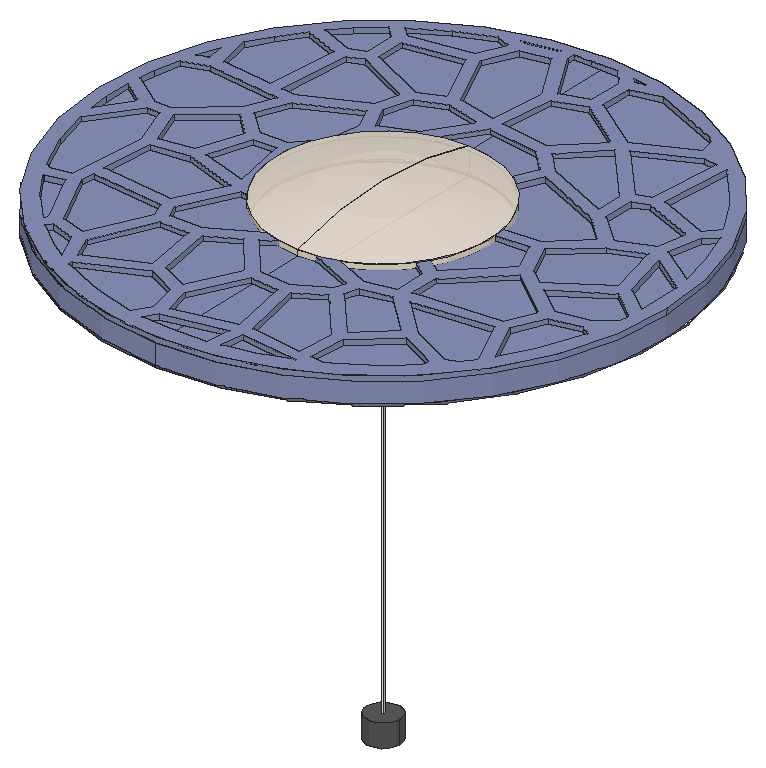
Revit family "Haworth_BuzziMoon_Light", category Lighting Fixtures, host Face, Revit 2018
Family settings
  Host = Face
  Round Connector Dimension = Use Diameter
  Part Type = Normal
  Cut with Voids When Loaded = No
  Light Source = Yes
  Shared = No
  Room Calculation Point = No
Parameters (values of type "HCBZ-MNP3 - Large")
  Wattage = 29.4 W
  Warranty = "http://www.haworth.com/resources/product-info/warranties"
  built-in parameter 1150110 = 1 (stored number, unit not read)
  Upholstery Finish [instance] = Haworth _ Fabric _ Kvadrat Hero_BHR-751
  URL - Product = "https://www.haworth.com/products/lighting/acoustic/buzzimoon"
  URL = "http://www.haworth.com/our-brands/haworth-collection"
  built-in parameter 1114217 = 1 (stored number, unit not read)
  Tilt Angle = 90.00°
  Three Cable Length = 10.000"  # constant formula
  built-in parameter 1150109 = 1 (stored number, unit not read)
  built-in parameter 1150134 = (empty or 0)
  built-in parameter 1150113 = 1 (stored number, unit not read)
  Small = not(or(Medium, Large))  # no
  Revision = "1"  # constant formula
  Photometric Web File = "generic"
  Note = "Verify Final Dim. w/ Haworth"  # constant formula
  built-in parameter 1150142 = (empty or 0)
  Model = "HCBZ-MNP"  # constant formula
  Min. Cable Length = 15.000"  # constant formula
  Medium = no
  Max. Cable Length = 157.480"  # constant formula
  Manufacturer = "Haworth"  # constant formula
  built-in parameter 1150105 = 203.54 (stored number, unit not read)
  Lumens = 2557.8 lm
  built-in parameter 1150115 = 1 (stored number, unit not read)
  built-in parameter 1150137 = (empty or 0)
  built-in parameter 1150139 = (empty or 0)
  Large = yes
  built-in parameter 1150112 = 1 (stored number, unit not read)
  built-in parameter 1150114 = 1 (stored number, unit not read)
  built-in parameter 1150132 = (empty or 0)
  built-in parameter 1150102 = (empty or 0)
  built-in parameter 1150107 = 3000 (stored number, unit not read)
  built-in parameter 1150138 = (empty or 0)
  built-in parameter 1150106 = 2.0354 (stored number, unit not read)
  Glass Finish = Haworth _ Glass _ Frosted
  Flat = not(or([3D Drop], [3D Leaf], [3D Rib]))  # no
  Emit from Circle Diameter = 20.000"
  Emit Shape Visible in Rendering = no
  built-in parameter 1150104 = 8.0826 (stored number, unit not read)
  Dimming Lamp Color Temperature Shift = <None>
  Description = "Haworth BuzziMoon Pendant Light Large"
  Default Elevation = 0.000"
  Cords Finish = Haworth _ Paint _ Collection White
  Color Filter = 16777215
  Cable Length [instance] = 36.000"
  built-in parameter 1114218 = 1 (stored number, unit not read)
  Author = "Haworth (Alias)"  # constant formula
  built-in parameter 1150133 = 10 (stored number, unit not read)
  Assembly Code = "E2020200"
  Actual Width = if(Large, 47.240", if(Medium, 39.370", 31.500"))  # 47.240"
  Actual Height = 2.360"  # constant formula
  Actual Depth = if(Large, 47.240", if(Medium, 39.370", 31.500"))  # 47.240"
  Actual Cable Length [instance] = (if(Cable Length > Max. Cable Length, Max. Cable Length, if(Cable Length < Min. Cable Length, Min. Cable Length, Cable Length))) - Three Cable Length  # 26.000"
  3D Rib = no
  3D Leaf = yes
  3D Drop = no
Reference planes (in)
  plane 1 "Center (Front/Back)": y = 0
  plane 2: z = 0
  plane 3 "Center (Left/Right)": x = 0
  plane 4 "Left": x = -23.62
  plane 5 "Right": x = 23.62
  plane 6 "Back": y = 23.62
  plane 7 "Front": y = -23.62
  plane 8 "Support Bottom": z = 1.88976
  plane 9 "Shade Bottom": z = 27.88976
  plane 10 "Light": z = 41.63976
Forms (in)
  Extrusion 1, solid, material "Haworth _ Paint _ Collection Black"
    sketch origin (0, 0, 0) x (1, 0, 0) y (0, 1, 0)
      loop
        circle (0, 0) r 1.37795
    from 0 to 1.88976
  Extrusion 2, solid, material "Haworth _ Paint _ Collection White" <- "Cords Finish"
    sketch origin (0, 0, 0) x (1, 0, 0) y (0, 1, 0)
      loop
        circle (0, 0) r 0.07926
    from 1.88976 to 27.88976
Dimensions and locks (in)
  "Actual Depth": plane 6 "Back" to plane 7 "Front"
  equal spacing: plane 6 "Back", plane 1 "Center (Front/Back)", plane 7 "Front"
  equal spacing: plane 4 "Left", plane 3 "Center (Left/Right)", plane 5 "Right"
  "Actual Width": plane 4 "Left" to plane 5 "Right"
  locked: plane 8 "Support Bottom" to plane 2 at 1.88976
  "Actual Cable Length": plane 9 "Shade Bottom" to plane 8 "Support Bottom"
  locked: plane 10 "Light" to plane 9 "Shade Bottom" at 13.75
  radius of Extrusion 1 sketch curve = 1.37795"
  radius of Extrusion 2 sketch curve = 0.07926"
  aligned and locked: plane 2 to host face
  aligned and locked: level to host face
  aligned and locked: plane 1 "Center (Front/Back)" to Extrusion 1 sketch curve
  aligned and locked: plane 3 "Center (Left/Right)" to Extrusion 1 sketch curve
  aligned and locked: Extrusion 1 to plane 2
  aligned and locked: plane 8 "Support Bottom" to Extrusion 1
  aligned and locked: plane 1 "Center (Front/Back)" to Extrusion 2 sketch curve
  aligned and locked: plane 3 "Center (Left/Right)" to Extrusion 2 sketch curve
  aligned and locked: Extrusion 2 to plane 8 "Support Bottom"
  aligned and locked: plane 9 "Shade Bottom" to Extrusion 2
  aligned and locked: plane 9 "Shade Bottom" to nested 2
  aligned and locked: nested 1 to plane 9 "Shade Bottom"
  aligned and locked: plane 9 "Shade Bottom" to nested 3
  aligned and locked: plane 1 "Center (Front/Back)" to nested 1
  aligned and locked: plane 1 "Center (Front/Back)" to nested 3
  aligned and locked: plane 1 "Center (Front/Back)" to nested 2
  aligned and locked: imposter light to plane 10 "Light"
  aligned and locked: imposter light to plane 1 "Center (Front/Back)"
  aligned and locked: plane 3 "Center (Left/Right)" to imposter light
  aligned and locked: plane 3 "Center (Left/Right)" to nested 1
  aligned and locked: plane 3 "Center (Left/Right)" to nested 3
  aligned and locked: plane 3 "Center (Left/Right)" to nested 2
Automatic sketch dimensions
  host sketch curve to host sketch curve = 96.000"  (x2)
Nested families (in)
  nested 1: "Haworth_BuzziMoon_Pendant_Large_PART" at (0, 0, 27.88976), visible <- "Large", type "Large"
  nested 2: "Haworth_BuzziMoon_Pendant_Small_PART" at (0, 0, 27.88976), visible <- "Small", type "Small"
  nested 3: "Haworth_BuzziMoon_Pendant_Medium_PART" at (0, 0, 27.88976), visible <- "Medium", type "Medium"
Definition of nested family "Haworth_BuzziMoon_Pendant_Large_PART"
  Parameters (values of type "Large")
    Warranty = "https://www.haworth.com/resources/product-info/warranties"
    URL - Product = "https://www.haworth.com/products/lighting/acoustic/buzzimoon"
    URL = "https://www.haworth.com/our-brands/haworth-collection"
    Trim Finish = none
    Revision = "1"  # constant formula
    Outside Radius = Actual Width / 2  # 23.620"
    Outer Upholstery Finish = none
    Note = "Verify Final Dim. w/ Haworth"  # constant formula
    Model = "HCBZ-MNP3"  # constant formula
    Manufacturer = "Haworth"  # constant formula
    Inside Radius = 17.720" / 2  # 8.860"
    Glass Finish = none
    Flat = no
    Description = "Haworth - BuzziMoon - Large Pendant Part"  # constant formula
    Cable Length = 10.000"  # constant formula
    Author = "Haworth (Alias)"  # constant formula
    Assembly Code = "E2020200"
    Actual Width = 47.240"  # constant formula
    Actual Height = 2.360"  # constant formula
    Actual Depth = 47.240"  # constant formula
    3D Rib = no
    3D Leaf = yes
    3D Drop = no
  Reference planes (in)
    plane 1 "Center (Front/Back)": y = 0
    plane 2: z = 0
    plane 3 "Center (Left/Right)": x = 0
    plane 4 "Front": y = -23.62
    plane 5 "Back": y = 23.62
    plane 6 "Left": x = 23.62
    plane 7 "Right": x = -23.62
    plane 8 "Inside Back": y = 8.86
    plane 9 "Inside Front": y = -8.86
    plane 10 "Cable Back": y = 11.11
    plane 11 "Cable End": z = 10
    plane 12 "Screen End": z = 12.36
    plane 13: z = 11.96
    plane 14 "Cable Control": z = 10.1
    plane 15 "Support End": z = 1
  Forms (in)
    Revolve 1, solid, material <- "Outer Upholstery Finish"
      sketch origin (0, 0, 0) x (0, 1, 0) y (0, 0, 1)
        loop
          arc (8.86, 10.25) -> (8.93322, 10.07322) -> (9.11, 10) r 0.25
          line (9.11, 10) -> (23.37, 10)
          arc (23.37, 10) -> (23.54678, 10.07322) -> (23.62, 10.25) r 0.25
          line (23.62, 10.25) -> (23.62, 11.96) -> (8.86, 11.96) -> (8.86, 10.25)
        axis (0, 11.96) -> (0, 10)
      angle from 0 to 360
    Revolve 2, solid, material <- "Outer Upholstery Finish", visible <- "Flat"
      sketch origin (0, 0, 0) x (0, 1, 0) y (0, 0, 1)
        loop
          line (8.86, 11.96) -> (23.62, 11.96) -> (23.62, 12.06)
          arc (23.62, 12.06) -> (23.53213, 12.27213) -> (23.32, 12.36) r 0.3
          line (23.32, 12.36) -> (9.16, 12.36)
          arc (9.16, 12.36) -> (8.94787, 12.27213) -> (8.86, 12.06) r 0.3
          line (8.86, 12.06) -> (8.86, 11.96)
        axis (0, 12.36) -> (0, 11.96)
      angle from 0 to 360
    Extrusion 3, solid, material <- "Outer Upholstery Finish", visible <- "3D Rib"
      sketch origin (0, 0, 0) x (1, 0, 0) y (0, 1, 0)
        loop
          arc (-8.85436, 0.00223) -> (-8.76985, 1.22294) -> (-8.51793, 2.42035) r 8.85827
          line (-8.51793, 2.42035) -> (-8.51793, 22.04511)
          arc (-8.51793, 22.04511) -> (-9.27145, 21.73904) -> (-10.01399, 21.40723) r 23.62758
          line (-10.01399, 21.40723) -> (-10.01399, -21.39038)
          arc (-10.01399, -21.39038) -> (-9.27146, -21.72262) -> (-8.51793, -22.02909) r 23.62209
          line (-8.51793, -22.02909) -> (-8.51793, -2.41589)
          arc (-8.51793, -2.41589) -> (-8.76985, -1.21848) -> (-8.85436, 0.00223) r 8.85827
        loop
          line (-0.95887, 23.61362) -> (-0.95887, 8.80802)
          arc (-0.95887, 8.80802) -> (-0.01409, 8.86048) -> (0.93089, 8.81186) r 8.85827
          line (0.93089, 8.81186) -> (0.93089, 23.61467)
          arc (0.93089, 23.61467) -> (-0.014, 23.63304) -> (-0.95887, 23.61362) r 23.62645
        loop
          arc (2.82065, 23.46403) -> (2.07367, 23.54183) -> (1.32459, 23.59585) r 23.62625
          line (1.32459, 23.59585) -> (1.32459, 8.76149)
          arc (1.32459, 8.76149) -> (2.08047, 8.61366) -> (2.82065, 8.40073) r 8.85827
          line (2.82065, 8.40073) -> (2.82065, 23.46403)
        loop
          arc (4.71042, 23.15874) -> (3.96443, 23.29806) -> (3.21436, 23.41334) r 23.62609
          line (3.21436, 23.41334) -> (3.21436, 8.25825)
          arc (3.21436, 8.25825) -> (3.98018, 7.91792) -> (4.71042, 7.50674) r 8.85827
          line (4.71042, 7.50674) -> (4.71042, 23.15874)
        loop
          arc (6.60018, 22.69254) -> (5.85528, 22.89608) -> (5.10412, 23.07516) r 23.62593
          line (5.10412, 23.07516) -> (5.10412, 7.24493)
          arc (5.10412, 7.24493) -> (5.88985, 6.62224) -> (6.60018, 5.91476) r 8.85827
          line (6.60018, 5.91476) -> (6.60018, 22.69254)
        loop
          arc (8.48995, 22.05523) -> (7.74626, 22.3273) -> (6.99388, 22.5743) r 23.62578
          line (6.99388, 22.5743) -> (6.99388, 5.44365)
          arc (6.99388, 5.44365) -> (7.87665, 4.06287) -> (8.48995, 2.54309) r 8.85827
          line (8.48995, 2.54309) -> (8.48995, 22.05523)
        loop
          arc (10.37971, 21.23139) -> (9.63747, 21.57847) -> (8.88365, 21.89961) r 23.62564
          line (8.88365, 21.89961) -> (8.88365, 2.47188) -> (8.88365, -21.88777)
          arc (8.88365, -21.88777) -> (9.63747, -21.56668) -> (10.37971, -21.21963) r 23.62229
          line (10.37971, -21.21963) -> (10.37971, 21.23139)
        loop
          arc (12.26947, 20.19821) -> (11.52903, 20.62984) -> (10.77341, 21.03434) r 23.6255
          line (10.77341, 21.03434) -> (10.77341, -21.02259)
          arc (10.77341, -21.02259) -> (11.52903, -20.61811) -> (12.26947, -20.18648) r 23.62232
          line (12.26947, -20.18648) -> (12.26947, 20.19821)
        loop
          arc (14.15924, 18.92141) -> (13.42114, 19.45196) -> (12.66317, 19.95372) r 23.62537
          line (12.66317, 19.95372) -> (12.66317, -19.94199)
          arc (12.66317, -19.94199) -> (13.42114, -19.44021) -> (14.15924, -18.90964) r 23.62237
          line (14.15924, -18.90964) -> (14.15924, 18.92141)
        loop
          arc (16.049, 17.34727) -> (15.31421, 17.99933) -> (14.55294, 18.62028) r 23.62523
          line (14.55294, 18.62028) -> (14.55294, -18.60849)
          arc (14.55294, -18.60849) -> (15.31421, -17.98749) -> (16.049, -17.33537) r 23.62242
          line (16.049, -17.33537) -> (16.049, 17.34727)
        loop
          arc (17.93877, 15.38475) -> (17.20911, 16.19692) -> (16.4427, 16.97452) r 23.62508
          line (16.4427, 16.97452) -> (16.4427, -16.96258)
          arc (16.4427, -16.96258) -> (17.20911, -16.18488) -> (17.93877, -15.37259) r 23.62249
          line (17.93877, -15.37259) -> (17.93877, 15.38475)
        loop
          arc (19.82853, 12.85711) -> (19.10818, 13.90537) -> (18.33247, 14.91335) r 23.62491
          line (18.33247, 14.91335) -> (18.33247, -14.90113)
          arc (18.33247, -14.90113) -> (19.10819, -13.89298) -> (19.82853, -12.84454) r 23.6226
          line (19.82853, -12.84454) -> (19.82853, 12.85711)
        loop
          arc (21.71829, 9.31481) -> (21.02081, 10.79755) -> (20.22223, 12.22837) r 23.62466
          line (20.22223, 12.22837) -> (20.22223, -12.21569)
          arc (20.22223, -12.21569) -> (21.02083, -10.78459) -> (21.71829, -9.30156) r 23.62282
          line (21.71829, -9.30156) -> (21.71829, 9.31481)
        loop
          arc (8.48995, -2.53863) -> (7.87665, -4.0584) -> (6.99388, -5.43919) r 8.85827
          line (6.99388, -5.43919) -> (6.99388, -22.56233)
          arc (6.99388, -22.56233) -> (7.74626, -22.31539) -> (8.48995, -22.04337) r 23.62225
          line (8.48995, -22.04337) -> (8.48995, -2.53863)
        loop
          arc (6.60018, -5.9103) -> (5.88985, -6.61778) -> (5.10412, -7.24047) r 8.85827
          line (5.10412, -7.24047) -> (5.10412, -23.06299)
          arc (5.10412, -23.06299) -> (5.85528, -22.88399) -> (6.60018, -22.68053) r 23.62222
          line (6.60018, -22.68053) -> (6.60018, -5.9103)
        loop
          arc (4.71042, -7.50228) -> (3.98018, -7.91346) -> (3.21436, -8.25379) r 8.85827
          line (3.21436, -8.25379) -> (3.21436, -23.40091)
          arc (3.21436, -23.40091) -> (3.96443, -23.28573) -> (4.71042, -23.14652) r 23.62219
          line (4.71042, -23.14652) -> (4.71042, -7.50228)
        loop
          arc (2.82065, -8.39627) -> (2.08047, -8.6092) -> (1.32459, -8.75703) r 8.85827
          line (1.32459, -8.75703) -> (1.32459, -23.58309)
          arc (1.32459, -23.58309) -> (2.07367, -23.52921) -> (2.82065, -23.45154) r 23.62217
          line (2.82065, -23.45154) -> (2.82065, -8.39627)
        loop
          arc (0.93089, -8.81617) -> (0.18354, -8.86427) -> (-0.56517, -8.84744) r 8.63565
          line (-0.56517, -8.84744) -> (-0.56517, -23.61313)
          arc (-0.56517, -23.61313) -> (0.18295, -23.61933) -> (0.93089, -23.60183) r 23.62214
          line (0.93089, -23.60183) -> (0.93089, -8.81617)
        loop
          arc (-0.95887, -8.81617) -> (-1.71232, -8.68833) -> (-2.45494, -8.50794) r 10.88368
          line (-2.45494, -8.50794) -> (-2.45494, -23.49161)
          arc (-2.45494, -23.49161) -> (-1.70777, -23.55786) -> (-0.95887, -23.60035) r 23.62212
          line (-0.95887, -23.60035) -> (-0.95887, -8.81617)
        loop
          arc (-2.84864, -8.38418) -> (-3.61217, -8.08436) -> (-4.3447, -7.71519) r 8.85827
          line (-4.3447, -7.71519) -> (-4.3447, -23.21617)
          arc (-4.3447, -23.21617) -> (-3.59852, -23.3436) -> (-2.84864, -23.44706) r 23.62209
          line (-2.84864, -23.44706) -> (-2.84864, -8.38418)
        loop
          arc (-4.7384, -7.47971) -> (-5.51874, -6.92376) -> (-6.23446, -6.28678) r 8.85827
          line (-6.23446, -6.28678) -> (-6.23446, -22.7812)
          arc (-6.23446, -22.7812) -> (-5.48934, -22.97226) -> (-4.7384, -23.13895) r 23.62207
          line (-4.7384, -23.13895) -> (-4.7384, -7.47971)
        loop
          arc (-6.62816, -5.87013) -> (-7.4692, -4.75399) -> (-8.12423, -3.51947) r 8.85827
          line (-8.12423, -3.51947) -> (-8.12423, -22.17736)
          arc (-8.12423, -22.17736) -> (-7.3803, -22.43601) -> (-6.62816, -22.66972) r 23.62206
          line (-6.62816, -22.66972) -> (-6.62816, -5.87013)
        loop
          arc (-10.40769, 21.21867) -> (-11.16292, 20.8314) -> (-11.90375, 20.41725) r 23.62791
          line (-11.90375, 20.41725) -> (-11.90375, -20.3993)
          arc (-11.90375, -20.3993) -> (-11.16293, -20.81389) -> (-10.40769, -21.20159) r 23.62229
          line (-10.40769, -21.20159) -> (-10.40769, 21.21867)
        loop
          arc (-12.29746, 20.18267) -> (-13.0549, 19.70141) -> (-13.79352, 19.19175) r 23.62832
          line (-13.79352, 19.19175) -> (-13.79352, -19.17345)
          arc (-13.79352, -19.17345) -> (-13.0549, -19.68321) -> (-12.29746, -20.16454) r 23.62327
          line (-12.29746, -20.16454) -> (-12.29746, 20.18267)
        loop
          arc (-14.15685, 18.92545) -> (-14.93417, 18.31863) -> (-15.6855, 17.67991) r 23.62885
          line (-15.6855, 17.67991) -> (-15.6855, -17.66134)
          arc (-15.6855, -17.66134) -> (-14.93418, -18.30016) -> (-14.15685, -18.90708) r 23.62296
          line (-14.15685, -18.90708) -> (-14.15685, 18.92545)
        loop
          arc (-15.96677, 17.42645) -> (-16.83431, 16.5905) -> (-17.65811, 15.71143) r 23.62952
          line (-17.65811, 15.71143) -> (-17.65811, -15.65707)
          arc (-17.65811, -15.65707) -> (-16.83468, -16.54531) -> (-15.96677, -17.39013) r 23.60569
          line (-15.96677, -17.39013) -> (-15.96677, 17.42645)
        loop
          arc (-17.911, 15.42277) -> (-18.75552, 14.38519) -> (-19.53997, 13.30149) r 23.63068
          line (-19.53997, 13.30149) -> (-19.53997, -13.25058)
          arc (-19.53997, -13.25058) -> (-18.75607, -14.34555) -> (-17.911, -15.39404) r 23.60781
          line (-17.911, -15.39404) -> (-17.911, 15.42277)
        loop
          arc (-19.78362, 12.93693) -> (-20.66177, 11.48632) -> (-21.43364, 9.97647) r 23.63241
          line (-21.43364, 9.97647) -> (-21.43364, -9.87437)
          arc (-21.43364, -9.87437) -> (-20.66381, -11.41511) -> (-19.78362, -12.89557) r 23.59138
          line (-19.78362, -12.89557) -> (-19.78362, 12.93693)
        loop
          arc (-21.67275, 9.38576) -> (-23.62, 0.00128) -> (-21.67275, -9.3832) r 23.58714
          line (-21.67275, -9.3832) -> (-21.67275, 9.38576)
        loop
          arc (-1.35257, 23.59435) -> (-1.90428, 23.55626) -> (-2.45494, 23.50526) r 23.62663
          line (-2.45494, 23.50526) -> (-2.45494, 8.5124)
          arc (-2.45494, 8.5124) -> (-1.90764, 8.65179) -> (-1.35257, 8.75602) r 8.85827
          line (-1.35257, 8.75602) -> (-1.35257, 23.59435)
        loop
          line (22.11199, 8.29977) -> (22.11199, -8.29722)
          arc (22.11199, -8.29722) -> (23.62, 0.00128) -> (22.11199, 8.29977) r 23.58714
        loop
          arc (-6.62816, 22.68483) -> (-7.38029, 22.45147) -> (-8.12423, 22.19317) r 23.6273
          line (-8.12423, 22.19317) -> (-8.12423, 3.52394)
          arc (-8.12423, 3.52394) -> (-7.4692, 4.75845) -> (-6.62816, 5.87459) r 8.85827
          line (-6.62816, 5.87459) -> (-6.62816, 22.68483)
        loop
          arc (-4.7384, 23.15331) -> (-5.48934, 22.9869) -> (-6.23446, 22.79615) r 23.62705
          line (-6.23446, 22.79615) -> (-6.23446, 6.29125)
          arc (-6.23446, 6.29125) -> (-5.51874, 6.92822) -> (-4.7384, 7.48417) r 8.85827
          line (-4.7384, 7.48417) -> (-4.7384, 23.15331)
        loop
          arc (-2.84864, 23.46081) -> (-3.59851, 23.35758) -> (-4.3447, 23.23038) r 23.62682
          line (-4.3447, 23.23038) -> (-4.3447, 7.71965)
          arc (-4.3447, 7.71965) -> (-3.61217, 8.08882) -> (-2.84864, 8.38864) r 8.85827
          line (-2.84864, 8.38864) -> (-2.84864, 23.46081)
      from 11.96 to 12.36
    Extrusion 4, solid, material <- "Outer Upholstery Finish", visible <- "3D Drop"
      sketch origin (0, 0, 0) x (1, 0, 0) y (0, 1, 0)
        loop
          circle (0, 0) r 21.03888
        loop
          circle (0, 0) r 20.0501
        loop
          circle (0, 0) r 17.09732
        loop
          circle (0, 0) r 16.12524
        loop
          circle (0, 0) r 13.18179
        loop
          circle (0, 0) r 12.19438
        loop
          circle (0, 0) r 10.22269
        loop
          circle (0, 0) r 8.85827
        loop
          circle (0.00932, -0.02845) r 9.25197
        loop
          circle (0, 0) r 8.89764
      from 11.96 to 12.36
    Extrusion 5, solid, material <- "Outer Upholstery Finish", visible <- "3D Leaf"
      sketch origin (0, 0, 0) x (1, 0, 0) y (0, 1, 0)
        loop
          line (-3.1783, 22.44179) -> (-5.44733, 21.98601) -> (-6.04916, 21.83704) -> (-5.56804, 21.64439) -> (-3.1783, 22.18821) -> (-3.1783, 22.44179)
        loop
          line (-6.26936, 20.86499) -> (-7.52567, 21.36806) -> (-10.40039, 20.10966) -> (-13.03178, 18.49523) -> (-12.24453, 17.78119) -> (-7.29195, 18.61111) -> (-6.26936, 20.86499)
        loop
          line (-12.89059, 17.03837) -> (-13.8348, 17.89477) -> (-15.60299, 16.34232) -> (-16.89572, 14.99425) -> (-14.10348, 13.97828) -> (-12.89059, 14.48407) -> (-12.89059, 17.03837)
        loop
          line (-7.24062, 17.62174) -> (-11.90634, 16.83989) -> (-11.90634, 14.47084) -> (-7.04865, 12.22662) -> (-5.13007, 13.07409) -> (-7.24062, 17.62174)
        loop
          line (-4.13096, 13.25934) -> (-1.01621, 12.6275) -> (-0.5055, 17.15348) -> (-2.92658, 21.23607) -> (-5.26122, 20.70479) -> (-6.41063, 18.1714) -> (-4.13096, 13.25934)
        loop
          line (-0.85219, 22.63918) -> (-2.19405, 22.56058) -> (-2.19405, 21.93044) -> (0.22207, 17.85622) -> (2.48851, 18.62198) -> (2.48851, 21.36456) -> (1.40498, 22.6244) -> (-0.85219, 22.63918)
        loop
          line (2.81798, 22.49092) -> (3.15464, 22.09947) -> (3.98585, 22.31186) -> (2.81798, 22.49092)
        loop
          line (5.81518, 21.7634) -> (3.47276, 21.16488) -> (3.47276, 18.53295) -> (7.87461, 15.61384) -> (12.3615, 17.82023) -> (12.02215, 19.17763) -> (11.42851, 19.54139) -> (5.81518, 21.7634)
        loop
          line (7.06057, 14.97267) -> (2.90966, 17.72536) -> (0.45599, 16.89635) -> (-0.04402, 12.46527) -> (3.99105, 11.95143) -> (7.06057, 14.97267)
        loop
          line (-1.40352, 11.70177) -> (-4.417, 12.31306) -> (-6.64543, 11.32873) -> (-7.30708, 9.07706) -> (-6.36061, 7.19888) -> (-3.65423, 8.32748) -> (-1.40352, 11.70177)
        loop
          line (-0.3472, 11.51168) -> (-2.32283, 8.54979)
          arc (-2.32283, 8.54979) -> (-3.83942, 7.98403) -> (-5.22774, 7.15175) r 8.85827
          arc (-5.22774, 7.15175) -> (-6.46021, 6.06077) -> (-7.46957, 4.7606) r 8.85827
          line (-7.46957, 4.7606) -> (-7.11057, 6.49998) -> (-8.05423, 8.37257) -> (-12.54436, 6.16459) -> (-13.58181, 3.56702) -> (-11.62669, 1.67033) -> (-9.40394, 1.85343) -> (-8.33621, 2.99243)
          arc (-8.33621, 2.99243) -> (-8.81691, 0.83569) -> (-8.74886, -1.37292) r 8.85827
          arc (-8.74886, -1.37292) -> (-8.18143, -3.38906) -> (-7.15651, -5.21562) r 8.85827
          line (-7.15651, -5.21562) -> (-7.72237, -5.16247) -> (-9.8551, -9.32267) -> (-9.36328, -10.50206) -> (-6.72636, -10.50206) -> (-3.05092, -8.3135)
          arc (-3.05092, -8.3135) -> (-2.64851, -8.45037) -> (-2.24, -8.56779) r 8.85827
          arc (-2.24, -8.56779) -> (-1.99384, -8.62844) -> (-1.74604, -8.68203) r 8.85827
          line (-1.74604, -8.68203) -> (-2.8477, -9.33802) -> (-0.15046, -12.65067) -> (2.50545, -12.82034) -> (4.92336, -11.2541) -> (5.32189, -10.28783) -> (1.41769, -8.74237)
          arc (1.41769, -8.74237) -> (2.23414, -8.57039) -> (3.03079, -8.32235) r 8.85827
          line (3.03079, -8.32235) -> (5.99994, -9.49768) -> (8.34236, -8.89915) -> (8.34236, -6.26722) -> (7.0266, -5.39467)
          arc (7.0266, -5.39467) -> (7.18909, -5.17631) -> (7.34479, -4.95305) r 8.85827
          arc (7.34479, -4.95305) -> (7.4657, -4.76899) -> (7.582, -4.58198) r 8.85827
          line (7.582, -4.58198) -> (8.77682, -5.37433) -> (12.66388, -1.61666) -> (11.51131, 0.86541) -> (8.83694, 0.64512)
          arc (8.83694, 0.64512) -> (8.80837, 0.95995) -> (8.76858, 1.27356) r 8.85827
          arc (8.76858, 1.27356) -> (8.74147, 1.44823) -> (8.71087, 1.62232) r 8.85827
          line (8.71087, 1.62232) -> (11.60931, 1.86107) -> (14.40537, 4.33939) -> (12.13705, 6.39676) -> (6.45587, 8.68673) -> (5.62216, 6.84918)
          arc (5.62216, 6.84918) -> (5.22461, 7.15703) -> (4.81023, 7.44182) r 8.85827
          line (4.81023, 7.44182) -> (5.61634, 9.21855) -> (3.93183, 10.96677) -> (-0.3472, 11.51168)
        loop
          line (15.40762, 3.91251) -> (12.41379, 1.2589) -> (13.65327, -1.41033) -> (14.9405, -2.39931) -> (19.25881, 0.44481) -> (18.07468, 5.0247) -> (15.40762, 3.91251)
        loop
          line (20.25707, 0.51581) -> (22.40279, -1.11537) -> (22.41134, 1.09846) -> (22.31839, 2.58886) -> (19.20094, 4.60064) -> (20.25707, 0.51581)
        loop
          line (18.95919, 5.92805) -> (22.14503, 3.87214) -> (21.47313, 6.74829) -> (20.41352, 9.553) -> (19.50798, 8.58701) -> (18.95919, 5.92805)
        loop
          line (18.48613, 8.50532) -> (14.10757, 10.09847) -> (12.89468, 9.59268) -> (12.89468, 7.03838) -> (15.24163, 4.90969) -> (17.97967, 6.05149) -> (18.48613, 8.50532)
        loop
          line (11.91043, 9.73333) -> (7.81464, 14.33384) -> (4.85819, 11.42389) -> (6.48398, 9.7366) -> (11.91043, 7.54931) -> (11.91043, 9.73333)
        loop
          line (8.63601, 14.89144) -> (12.53688, 10.50988) -> (13.63164, 10.9664) -> (14.16522, 16.94419) -> (13.02773, 17.05102) -> (8.63601, 14.89144)
        loop
          line (14.61921, 10.95969) -> (18.91714, 9.39587) -> (19.95316, 10.50105) -> (18.13141, 13.37952) -> (17.41038, 14.3155) -> (15.13994, 16.79359) -> (14.61921, 10.95969)
        loop
          line (-7.64508, 11.41795) -> (-12.40859, 13.61867) -> (-13.62755, 13.11035) -> (-14.16112, 7.13256) -> (-13.02364, 7.02573) -> (-8.24527, 9.37544) -> (-7.64508, 11.41795)
        loop
          line (-15.14107, 7.2246) -> (-14.61511, 13.11706) -> (-17.56563, 14.19062) -> (-18.9306, 12.26012) -> (-19.9595, 10.48078) -> (-19.40623, 7.6252) -> (-15.14107, 7.2246)
        loop
          line (-20.66824, 8.96435) -> (-21.34592, 7.14548) -> (-20.3827, 7.49058) -> (-20.66824, 8.96435)
        loop
          line (-19.7563, 6.66949) -> (-21.68991, 5.97671) -> (-22.14111, 3.78543) -> (-22.31472, 2.58483) -> (-19.54212, 0.71948) -> (-18.2169, 0.71948) -> (-14.57168, 3.74223) -> (-13.63228, 6.09431) -> (-19.7563, 6.66949)
        loop
          line (-20.38952, 0.10332) -> (-22.40506, 1.45933) -> (-22.40506, -0.85307) -> (-22.27271, -2.49867) -> (-20.38952, 0.10332)
        loop
          line (-14.18687, 2.7827) -> (-17.45979, 0.06867) -> (-16.35245, -3.022) -> (-13.58058, -2.57181) -> (-12.37415, 1.02415) -> (-14.18687, 2.7827)
        loop
          line (-11.44551, 0.69767) -> (-12.58228, -2.69062) -> (-8.64834, -3.92474) -> (-9.57381, 0.85185) -> (-11.44551, 0.69767)
        loop
          line (-13.24461, -3.51439) -> (-16.23188, -3.99957) -> (-16.62275, -8.25158) -> (-10.68381, -8.78169) -> (-8.71242, -4.93619) -> (-13.24461, -3.51439)
        loop
          line (-19.44094, -0.26477) -> (-22.05933, -3.88259) -> (-21.2209, -7.06417) -> (-19.92237, -10.09803) -> (-19.36557, -10.46438) -> (-17.78198, -10.06849) -> (-17.17786, -3.63635) -> (-18.38584, -0.26477) -> (-19.44094, -0.26477)
        loop
          line (-17.59083, -11.03524) -> (-19.09114, -11.41032) -> (-19.12827, -11.50411) -> (-17.57849, -13.70433) -> (-17.03293, -14.33267) -> (-15.62234, -15.88086) -> (-15.38445, -15.52213) -> (-17.59083, -11.03524)
        loop
          line (-14.45819, -15.14214) -> (-12.4145, -15.73829) -> (-10.22321, -10.97043) -> (-10.73394, -9.75249) -> (-16.71277, -9.23074) -> (-16.81735, -10.36843) -> (-14.45819, -15.14214)
        loop
          line (-9.37651, -11.48631) -> (-11.62073, -16.344) -> (-10.77327, -18.26258) -> (-6.22561, -16.15203) -> (-7.00746, -11.48631) -> (-9.37651, -11.48631)
        loop
          line (-11.5069, -19.03764) -> (-12.51862, -16.74722) -> (-14.60859, -16.13308) -> (-14.89117, -16.55919) -> (-13.01417, -18.045) -> (-11.5069, -19.03764)
        loop
          line (-3.70251, -9.84702) -> (-6.04995, -11.24482) -> (-5.23624, -16.1007) -> (-2.94567, -17.13994) -> (-0.9784, -13.19266) -> (-3.70251, -9.84702)
        loop
          line (-3.14256, -18.13143) -> (-5.67595, -16.98202) -> (-10.5022, -19.22186) -> (-10.46935, -19.62072) -> (-7.57135, -20.85784) -> (-6.57596, -21.18911) -> (-3.51734, -21.9359) -> (-2.58024, -20.60244) -> (-3.14256, -18.13143)
        loop
          line (-2.19802, -17.84635) -> (-1.68178, -20.11488) -> (3.2295, -18.97001) -> (2.22563, -13.78872) -> (-0.10165, -13.64004) -> (-2.19802, -17.84635)
        loop
          line (3.2167, -19.98364) -> (-1.75721, -21.14311) -> (-2.41756, -22.08277) -> (0.10604, -22.20776) -> (0.95105, -22.16036) -> (2.93346, -22.02131) -> (3.2167, -19.98364)
        loop
          line (4.22543, -19.87568) -> (3.94907, -21.86376) -> (6.53237, -21.23415) -> (7.48742, -20.89446) -> (9.01234, -20.32528) -> (4.22543, -19.87568)
        loop
          line (4.21582, -18.8862) -> (8.48098, -19.28679) -> (8.75061, -16.266) -> (5.22929, -12.22864) -> (3.18277, -13.55431) -> (4.21582, -18.8862)
        loop
          line (9.7324, -16.3374) -> (9.46093, -19.37883) -> (10.59841, -19.48567) -> (11.51794, -19.03349) -> (13.68024, -17.55551) -> (14.25484, -17.06781) -> (15.79379, -15.71683) -> (15.97697, -15.09344) -> (12.76817, -13.61099) -> (9.7324, -16.3374)
        loop
          line (9.30212, -15.40092) -> (11.96018, -13.01372) -> (8.68882, -9.8265) -> (6.32805, -10.42971) -> (5.89086, -11.48974) -> (9.30212, -15.40092)
        loop
          line (9.32661, -6.21181) -> (9.32661, -8.72672) -> (16.33628, -7.88666) -> (17.40403, -5.53323) -> (13.29456, -2.37594) -> (9.32661, -6.21181)
        loop
          line (9.91547, -9.64744) -> (12.9634, -12.61698) -> (16.5734, -14.28477) -> (17.43445, -13.90443) -> (18.22702, -12.8664) -> (16.37391, -8.87344) -> (9.91547, -9.64744)
        loop
          line (17.21142, -8.33999) -> (18.8721, -11.91831) -> (20.2256, -9.42224) -> (20.64071, -8.50442) -> (21.6191, -5.79753) -> (20.83183, -5.24428) -> (18.36083, -5.8066) -> (17.21142, -8.33999)
        loop
          line (18.12992, -4.84973) -> (20.72222, -4.25981) -> (22.18905, -3.1391) -> (22.30295, -2.27583) -> (19.80297, -0.37534) -> (15.76644, -3.03387) -> (18.12992, -4.84973)
        loop
          circle (0.00205, 0.00205) r 23.62205
      from 11.96 to 12.36
    Revolve 6, solid, material <- "Glass Finish"
      sketch origin (0, 0, 0) x (0, 1, 0) y (0, 0, 1)
        loop
          line (8.86, 10.1) -> (8.86, 12.36)
          arc (8.86, 12.36) -> (4.47713, 13.33017) -> (0, 13.65585) r 30.93676
          line (0, 13.65585) -> (0, 10.1) -> (8.86, 10.1)
        axis (0, 13.65585) -> (0, 10.1)
      angle from 0 to 360
    Revolve 7, solid, material <- "Outer Upholstery Finish"
      sketch origin (0, 0, 0) x (0, 1, 0) y (0, 0, 1)
        loop
          line (8.86, 10.1) -> (0, 10.1) -> (0, 9.52756) -> (8.86, 9.52756) -> (8.86, 10.1)
        axis (0, 10.1) -> (0, 9.52756)
      angle from 0 to 360
    Revolve 8, solid
      sketch origin (0, 0, 0) x (0, 1, 0) y (0, 0, 1)
        loop
          line (0.15, 0) -> (0.15, 0.75) -> (0.25, 0.75) -> (0.25, 1) -> (0, 1) -> (0, 0) -> (0.15, 0)
        axis (0, 1) -> (0, 0)
      angle from 0 to 360
    Blend 9, solid, material <- "Trim Finish"
      base sketch origin (0, 0, 0) x (1, 0, 0) y (0, 1, 0)
        loop
          circle (0, -7.875) r 0.04466
      top sketch origin (0, 0, 0) x (1, 0, 0) y (0, 1, 0)
        loop
          circle (0, -0.045) r 0.045
      from 9.52756 to 0.75
    Blend 10, solid, material <- "Trim Finish"
      base sketch origin (0, 0, 0) x (-0.5, 0.866025, 0) y (-0.866025, -0.5, 0)
        loop
          circle (0, -7.875) r 0.04466
      top sketch origin (0, 0, 0) x (-0.5, 0.866025, 0) y (-0.866025, -0.5, 0)
        loop
          circle (0, -0.045) r 0.045
      from 9.52756 to 0.75
    Blend 11, solid, material <- "Trim Finish"
      base sketch origin (0, 0, 0) x (-0.5, -0.866025, 0) y (0.866025, -0.5, 0)
        loop
          circle (0, -7.875) r 0.04466
      top sketch origin (0, 0, 0) x (-0.5, -0.866025, 0) y (0.866025, -0.5, 0)
        loop
          circle (0, -0.045) r 0.045
      from 9.52756 to 0.75
  Lines and regions (in)
    Masking region 1
      outline origin (0, 0, 0) x (1, 0, 0) y (0, 1, 0)
        loop
          circle (0, 0) r 23.62
        loop
          circle (0, 0) r 8.86
  Dimensions and locks (in)
    equal spacing: plane 5 "Back", plane 1 "Center (Front/Back)", plane 4 "Front"
    "Actual Depth": plane 5 "Back" to plane 4 "Front"
    equal spacing: plane 7 "Right", plane 3 "Center (Left/Right)", plane 6 "Left"
    "Actual Width": plane 7 "Right" to plane 6 "Left"
    plane 8 "Inside Back" to plane 1 "Center (Front/Back)" to plane 9 "Inside Front" = 8.860" locked, 8.860" locked
    locked: plane 10 "Cable Back" to plane 8 "Inside Back" at 2.25
    "Cable Length": plane 11 "Cable End" to plane 2
    "Actual Height": plane 12 "Screen End" to plane 11 "Cable End"
    locked: plane 12 "Screen End" to plane 13 at 0.4
    locked: plane 14 "Cable Control" to plane 11 "Cable End" at 0.1
    locked: Revolve 7 sketch curve to plane 11 "Cable End" at 0.47244
    locked: plane 15 "Support End" to plane 2 at 1
    locked: plane 15 "Support End" to Revolve 8 sketch curve at 0.25
    locked: plane 1 "Center (Front/Back)" to Revolve 8 sketch curve at 0.25
    locked: plane 1 "Center (Front/Back)" to Revolve 8 sketch curve at 0.15
    "Inside Radius": radius of Masking region 1 sketch curve
    "Outside Radius": radius of Masking region 1 sketch curve
    aligned and locked: level to plane 2
    aligned and locked: plane 5 "Back" to Revolve 1 sketch curve
    aligned and locked: plane 13 to Revolve 1 sketch curve
    aligned and locked: plane 8 "Inside Back" to Revolve 1 sketch curve
    aligned and locked: Revolve 1 sketch curve to plane 11 "Cable End"
    aligned and locked: plane 1 "Center (Front/Back)" to Revolve 1 sketch curve
    aligned and locked: Revolve 2 sketch curve to plane 5 "Back"
    aligned and locked: Revolve 2 sketch curve to plane 13
    aligned and locked: Revolve 2 sketch curve to plane 12 "Screen End"
    aligned and locked: plane 8 "Inside Back" to Revolve 2 sketch curve
    aligned and locked: plane 1 "Center (Front/Back)" to Revolve 2 sketch curve
    aligned and locked: plane 3 "Center (Left/Right)" to Masking region 1 sketch curve  (x2)
    aligned and locked: plane 1 "Center (Front/Back)" to Masking region 1 sketch curve  (x2)
    aligned and locked: plane 12 "Screen End" to Extrusion 3
    aligned and locked: plane 13 to Extrusion 3
    aligned and locked: plane 12 "Screen End" to Extrusion 4
    aligned and locked: plane 13 to Extrusion 4
    aligned and locked: plane 12 "Screen End" to Extrusion 5
    aligned and locked: plane 13 to Extrusion 5
    aligned and locked: plane 8 "Inside Back" to Revolve 6 sketch curve
    aligned and locked: Revolve 6 sketch curve to plane 1 "Center (Front/Back)"
    aligned and locked: plane 1 "Center (Front/Back)" to Revolve 6 sketch curve
    aligned and locked: plane 14 "Cable Control" to Revolve 6 sketch curve
    aligned and locked: plane 8 "Inside Back" to Revolve 7 sketch curve
    aligned and locked: plane 14 "Cable Control" to Revolve 7 sketch curve
    aligned and locked: plane 1 "Center (Front/Back)" to Revolve 7 sketch curve  (x2)
    aligned and locked: Revolve 8 sketch curve to plane 15 "Support End"
    aligned and locked: plane 2 to Revolve 8 sketch curve
    aligned and locked: Revolve 8 sketch curve to plane 1 "Center (Front/Back)"
    aligned and locked: plane 1 "Center (Front/Back)" to Revolve 8 sketch curve
    aligned and locked: Revolve 7 to Blend 9
  Automatic sketch dimensions
    Revolve 1 sketch curve to level = 0.000"
    plane 8 "Inside Back" to Revolve 1 sketch curve = 0.250"
    Revolve 1 sketch curve to plane 5 "Back" = 0.250"
    plane 12 "Screen End" to Revolve 1 sketch curve = 12.600"
    Revolve 2 sketch curve to level = 0.000"
    plane 8 "Inside Back" to Revolve 2 sketch curve = 0.300"
    Revolve 2 sketch curve to plane 5 "Back" = 0.300"
    plane 12 "Screen End" to Revolve 2 sketch curve = 11.000"
    Extrusion 3 sketch curve to Extrusion 3 sketch curve = 0.000"  (x35)
    plane 9 "Inside Front" to Extrusion 3 sketch curve = 0.5232"
    Extrusion 3 sketch curve to plane 7 "Right" = 1.94725"
    Extrusion 3 sketch curve to Extrusion 3 sketch curve = 0.23911"
    plane 10 "Cable Back" to Extrusion 3 sketch curve = 1.82693"
    Extrusion 3 sketch curve to Extrusion 3 sketch curve = 1.65002"
    Extrusion 3 sketch curve to Extrusion 3 sketch curve = 0.24364"
    Extrusion 3 sketch curve to Extrusion 3 sketch curve = 1.62897"
    Extrusion 3 sketch curve to Extrusion 3 sketch curve = 0.25289"
    Extrusion 3 sketch curve to Extrusion 3 sketch curve = 1.69134"
    Extrusion 3 sketch curve to Extrusion 3 sketch curve = 0.28127"
    Extrusion 3 sketch curve to Extrusion 3 sketch curve = 1.52865"
    Extrusion 3 sketch curve to Extrusion 3 sketch curve = 0.36333"
    Extrusion 3 sketch curve to Extrusion 3 sketch curve = 1.49606"  (x23)
    Extrusion 3 sketch curve to Extrusion 3 sketch curve = 0.3937"  (x28)
    Extrusion 3 sketch curve to plane 1 "Center (Front/Back)" = 2.42035"
    Extrusion 3 sketch curve to plane 4 "Front" = 0.95028"
    Extrusion 3 sketch curve to plane 5 "Back" = 0.46669"
    Extrusion 3 sketch curve to plane 4 "Front" = 0.48105"
    Extrusion 3 sketch curve to plane 8 "Inside Back" = 0.47136"
    Extrusion 3 sketch curve to plane 4 "Front" = 0.17294"
    Extrusion 3 sketch curve to plane 5 "Back" = 0.11474"
    Extrusion 3 sketch curve to plane 5 "Back" = 0.02565"
    Extrusion 3 sketch curve to Extrusion 3 sketch curve = 1.10236"
    Extrusion 3 sketch curve to plane 4 "Front" = 0.01965"
    Extrusion 3 sketch curve to plane 3 "Center (Left/Right)" = 0.95887"
    Extrusion 3 sketch curve to plane 5 "Back" = 0.00638"
    Extrusion 3 sketch curve to plane 9 "Inside Front" = 0.01256"
    Extrusion 3 sketch curve to plane 1 "Center (Front/Back)" = 0.00128"  (x2)
    Extrusion 3 sketch curve to plane 3 "Center (Left/Right)" = 0.03286"
    Extrusion 3 sketch curve to plane 3 "Center (Left/Right)" = 0.0191"
    Extrusion 3 sketch curve to Extrusion 3 sketch curve = 0.00569"  (x2)
    Extrusion 3 sketch curve to plane 3 "Center (Left/Right)" = 0.01097"
    plane 1 "Center (Front/Back)" to Extrusion 3 sketch curve = 0.00156"
    Extrusion 3 sketch curve to Extrusion 3 sketch curve = 0.00343"
    Extrusion 3 sketch curve to plane 1 "Center (Front/Back)" = 0.00059"
    Extrusion 3 sketch curve to Extrusion 3 sketch curve = 0.00136"
    Extrusion 3 sketch curve to Extrusion 3 sketch curve = 0.00263"
    Extrusion 3 sketch curve to Extrusion 3 sketch curve = 0.00148"
    Extrusion 3 sketch curve to Extrusion 3 sketch curve = 0.0014"
    Extrusion 3 sketch curve to Extrusion 3 sketch curve = 0.00119"
    Extrusion 3 sketch curve to Extrusion 3 sketch curve = 0.00085"
    Extrusion 3 sketch curve to Extrusion 3 sketch curve = 0.00076"
    Extrusion 3 sketch curve to Extrusion 3 sketch curve = 0.00107"
    Extrusion 3 sketch curve to plane 3 "Center (Left/Right)" = 0.00092"
    plane 3 "Center (Left/Right)" to Extrusion 3 sketch curve = 0.00006"
    Extrusion 3 sketch curve to Extrusion 3 sketch curve = 0.00072"
    plane 3 "Center (Left/Right)" to Extrusion 3 sketch curve = 0.00088"
    Extrusion 3 sketch curve to Extrusion 3 sketch curve = 0.00055"
    Extrusion 3 sketch curve to Extrusion 3 sketch curve = 0.00062"  (x2)
    Extrusion 3 sketch curve to Extrusion 3 sketch curve = 0.00054"
    Extrusion 3 sketch curve to Extrusion 3 sketch curve = 0.00051"  (x2)
    plane 3 "Center (Left/Right)" to Extrusion 3 sketch curve = 0.00307"
    Extrusion 3 sketch curve to Extrusion 3 sketch curve = 0.00265"
    Extrusion 3 sketch curve to Extrusion 3 sketch curve = 0.00038"
    Extrusion 3 sketch curve to Extrusion 3 sketch curve = 0.00041"
    Extrusion 3 sketch curve to Extrusion 3 sketch curve = 0.00034"
    Extrusion 3 sketch curve to Extrusion 3 sketch curve = 0.00035"
    Extrusion 3 sketch curve to Extrusion 3 sketch curve = 0.00021"
    Extrusion 3 sketch curve to Extrusion 3 sketch curve = 0.00005"  (x4)
    Extrusion 3 sketch curve to Extrusion 3 sketch curve = 0.00003"
    Extrusion 3 sketch curve to Extrusion 3 sketch curve = 0.00001"  (x2)
    Extrusion 3 sketch curve to Extrusion 3 sketch curve = 0.00002"  (x2)
    Extrusion 3 sketch curve to Extrusion 3 sketch curve = 0.00031"
    Extrusion 3 sketch curve to Extrusion 3 sketch curve = 0.00008"
    Extrusion 3 sketch curve to Extrusion 3 sketch curve = 0.00024"
    Extrusion 3 sketch curve to Extrusion 3 sketch curve = 0.0001"  (x3)
    Extrusion 3 sketch curve to Extrusion 3 sketch curve = 0.00016"  (x2)
    Extrusion 3 sketch curve to Extrusion 3 sketch curve = 0.00023"
    Extrusion 3 sketch curve to Extrusion 3 sketch curve = 0.00032"
    Extrusion 3 sketch curve to Extrusion 3 sketch curve = 0.02722"
    plane 3 "Center (Left/Right)" to Extrusion 3 sketch curve = 0.03979"
    plane 3 "Center (Left/Right)" to Extrusion 3 sketch curve = 0.04093"
    Extrusion 3 sketch curve to Extrusion 3 sketch curve = 0.01936"
    plane 3 "Center (Left/Right)" to Extrusion 3 sketch curve = 0.48388"
    Extrusion 3 sketch curve to plane 8 "Inside Back" = 0.04814"
    plane 3 "Center (Left/Right)" to Extrusion 3 sketch curve = 0.93089"  (x2)
    Extrusion 3 sketch curve to plane 9 "Inside Front" = 0.04383"  (x2)
    Extrusion 3 sketch curve to plane 8 "Inside Back" = 0.09851"
    Extrusion 3 sketch curve to plane 4 "Front" = 0.03691"
    Extrusion 3 sketch curve to plane 8 "Inside Back" = 0.45927"
    Extrusion 3 sketch curve to plane 4 "Front" = 0.16846"
    Extrusion 3 sketch curve to plane 5 "Back" = 0.20666"
    plane 9 "Inside Front" to Extrusion 3 sketch curve = 0.44156"
    Extrusion 3 sketch curve to plane 6 "Left" = 1.90171"
    Extrusion 3 sketch curve to plane 4 "Front" = 0.01817"
    Extrusion 3 sketch curve to Extrusion 3 sketch curve = 0.01278"
    Extrusion 3 sketch curve to Extrusion 3 sketch curve = 0.04456"
    Extrusion 3 sketch curve to plane 4 "Front" = 0.21909"
    Extrusion 3 sketch curve to Extrusion 3 sketch curve = 0.07721"
    Extrusion 3 sketch curve to Extrusion 3 sketch curve = 0.25439"
    Extrusion 3 sketch curve to Extrusion 3 sketch curve = 0.08353"
    Extrusion 3 sketch curve to Extrusion 3 sketch curve = 0.11148"
    Extrusion 3 sketch curve to Extrusion 3 sketch curve = 0.38245"
    Extrusion 3 sketch curve to Extrusion 3 sketch curve = 0.1182"
    Extrusion 3 sketch curve to Extrusion 3 sketch curve = 0.49236"
    Extrusion 3 sketch curve to Extrusion 3 sketch curve = 0.51896"
    Extrusion 3 sketch curve to Extrusion 3 sketch curve = 0.14827"
    Extrusion 3 sketch curve to Extrusion 3 sketch curve = 0.1556"
    Extrusion 3 sketch curve to Extrusion 3 sketch curve = 0.63871"
    Extrusion 3 sketch curve to Extrusion 3 sketch curve = 0.66814"
    Extrusion 3 sketch curve to Extrusion 3 sketch curve = 0.1888"
    Extrusion 3 sketch curve to Extrusion 3 sketch curve = 0.19704"
    Extrusion 3 sketch curve to Extrusion 3 sketch curve = 0.80228"
    Extrusion 3 sketch curve to Extrusion 3 sketch curve = 0.83611"
    Extrusion 3 sketch curve to Extrusion 3 sketch curve = 0.23476"
    Extrusion 3 sketch curve to Extrusion 3 sketch curve = 0.24449"  (x2)
    Extrusion 3 sketch curve to Extrusion 3 sketch curve = 0.9911"
    Extrusion 3 sketch curve to Extrusion 3 sketch curve = 1.03235"
    Extrusion 3 sketch curve to Extrusion 3 sketch curve = 0.26637"
    Extrusion 3 sketch curve to Extrusion 3 sketch curve = 0.30115"
    Extrusion 3 sketch curve to Extrusion 3 sketch curve = 1.24574"
    Extrusion 3 sketch curve to Extrusion 3 sketch curve = 0.27121"
    Extrusion 3 sketch curve to Extrusion 3 sketch curve = 1.27312"
    Extrusion 3 sketch curve to Extrusion 3 sketch curve = 0.37279"
    Extrusion 3 sketch curve to Extrusion 3 sketch curve = 1.73306"
    Extrusion 3 sketch curve to Extrusion 3 sketch curve = 0.26304"
    Extrusion 3 sketch curve to Extrusion 3 sketch curve = 1.58999"
    Extrusion 3 sketch curve to Extrusion 3 sketch curve = 0.47146"
    Extrusion 3 sketch curve to Extrusion 3 sketch curve = 2.14345"
    Extrusion 3 sketch curve to Extrusion 3 sketch curve = 0.35501"
    Extrusion 3 sketch curve to Extrusion 3 sketch curve = 2.0566"
    Extrusion 3 sketch curve to Extrusion 3 sketch curve = 0.62885"
    Extrusion 3 sketch curve to Extrusion 3 sketch curve = 0.49117"
    Extrusion 3 sketch curve to plane 9 "Inside Front" = 0.10297"
    Extrusion 3 sketch curve to Extrusion 3 sketch curve = 0.30823"
    Extrusion 3 sketch curve to Extrusion 3 sketch curve = 0.12376"
    Extrusion 3 sketch curve to Extrusion 3 sketch curve = 0.14248"
    Extrusion 3 sketch curve to Extrusion 3 sketch curve = 0.23548"
    Extrusion 3 sketch curve to Extrusion 3 sketch curve = 0.26181"  (x2)
    Extrusion 3 sketch curve to Extrusion 3 sketch curve = 0.41666"  (x2)
    Extrusion 3 sketch curve to Extrusion 3 sketch curve = 0.47111"  (x2)
    plane 1 "Center (Front/Back)" to Extrusion 3 sketch curve = 0.01894"
    Extrusion 3 sketch curve to Extrusion 3 sketch curve = 0.00174"
    Extrusion 3 sketch curve to Extrusion 3 sketch curve = 0.00131"
    Extrusion 3 sketch curve to Extrusion 3 sketch curve = 0.00093"
    Extrusion 3 sketch curve to Extrusion 3 sketch curve = 0.00048"
    Extrusion 3 sketch curve to Extrusion 3 sketch curve = 0.0003"
    Extrusion 3 sketch curve to Extrusion 3 sketch curve = 0.00189"
    Extrusion 3 sketch curve to Extrusion 3 sketch curve = 0.00007"  (x2)
    Extrusion 3 sketch curve to Extrusion 3 sketch curve = 0.00013"
    Extrusion 3 sketch curve to Extrusion 3 sketch curve = 0.00014"
    Extrusion 3 sketch curve to Extrusion 3 sketch curve = 0.00018"
    Extrusion 3 sketch curve to Extrusion 3 sketch curve = 0.00015"
    Extrusion 3 sketch curve to Extrusion 3 sketch curve = 0.00006"
    Extrusion 3 sketch curve to Extrusion 3 sketch curve = 0.00004"
    Extrusion 3 sketch curve to plane 1 "Center (Front/Back)" = 2.47188"
    Extrusion 3 sketch curve to Extrusion 3 sketch curve = 0.07122"
    Extrusion 3 sketch curve to Extrusion 3 sketch curve = 1.10358"
    Extrusion 3 sketch curve to plane 8 "Inside Back" = 0.56023"
    Extrusion 3 sketch curve to plane 8 "Inside Back" = 0.3476"
    plane 8 "Inside Back" to Extrusion 3 sketch curve = 0.45481"
    Extrusion 3 sketch curve to Extrusion 3 sketch curve = 0.62873"
    Extrusion 3 sketch curve to Extrusion 3 sketch curve = 0.36456"
    Extrusion 3 sketch curve to Extrusion 3 sketch curve = 0.4714"
    Extrusion 3 sketch curve to Extrusion 3 sketch curve = 0.28866"
    Extrusion 3 sketch curve to Extrusion 3 sketch curve = 0.37275"
    Extrusion 3 sketch curve to Extrusion 3 sketch curve = 0.25346"
    Extrusion 3 sketch curve to Extrusion 3 sketch curve = 0.30113"
    Extrusion 3 sketch curve to Extrusion 3 sketch curve = 0.26629"
    Extrusion 3 sketch curve to Extrusion 3 sketch curve = 0.23458"
    Extrusion 3 sketch curve to Extrusion 3 sketch curve = 0.19705"
    Extrusion 3 sketch curve to Extrusion 3 sketch curve = 0.18856"
    Extrusion 3 sketch curve to Extrusion 3 sketch curve = 0.15562"
    Extrusion 3 sketch curve to Extrusion 3 sketch curve = 0.14807"
    Extrusion 3 sketch curve to Extrusion 3 sketch curve = 0.11824"
    Extrusion 3 sketch curve to plane 5 "Back" = 0.38962"
    Extrusion 3 sketch curve to plane 5 "Back" = 0.15597"
    Extrusion 4 sketch curve to Extrusion 4 sketch curve = 0.000"  (x16)
    plane 3 "Center (Left/Right)" to Extrusion 4 sketch curve = 0.000"
    Extrusion 4 sketch curve to Extrusion 4 sketch curve = 0.00932"
    Extrusion 4 sketch curve to Extrusion 4 sketch curve = 0.02845"
    plane 1 "Center (Front/Back)" to Extrusion 4 sketch curve = 0.000"
    Extrusion 4 sketch curve to plane 3 "Center (Left/Right)" = 9.24264"
    Extrusion 5 sketch curve to Extrusion 5 sketch curve = 0.000"  (x156)
    Extrusion 5 sketch curve to plane 7 "Right" = 1.21494"
    Extrusion 5 sketch curve to Extrusion 5 sketch curve = 0.09033"
    Extrusion 5 sketch curve to plane 7 "Right" = 1.34729"
    Extrusion 5 sketch curve to Extrusion 5 sketch curve = 0.17361"
    Extrusion 5 sketch curve to Extrusion 5 sketch curve = 0.21338"
    Extrusion 5 sketch curve to plane 7 "Right" = 1.93009"
    Extrusion 5 sketch curve to Extrusion 5 sketch curve = 0.34399"
    Extrusion 5 sketch curve to plane 7 "Right" = 2.3991"
    plane 8 "Inside Back" to Extrusion 5 sketch curve = 0.10435"
    Extrusion 5 sketch curve to Extrusion 5 sketch curve = 0.67767"
    Extrusion 5 sketch curve to plane 1 "Center (Front/Back)" = 0.10332"
    Extrusion 5 sketch curve to Extrusion 5 sketch curve = 2.01553"
    Extrusion 5 sketch curve to plane 8 "Inside Back" = 1.36942"
    Extrusion 5 sketch curve to Extrusion 5 sketch curve = 0.96322"
    Extrusion 5 sketch curve to plane 10 "Cable Back" = 0.62922"
    Extrusion 5 sketch curve to Extrusion 5 sketch curve = 0.70875"
    plane 9 "Inside Front" to Extrusion 5 sketch curve = 1.23803"
    Extrusion 5 sketch curve to Extrusion 5 sketch curve = 1.29852"
    Extrusion 5 sketch curve to Extrusion 5 sketch curve = 0.6264"
    Extrusion 5 sketch curve to Extrusion 5 sketch curve = 0.8474"
    plane 1 "Center (Front/Back)" to Extrusion 5 sketch curve = 0.26477"
    Extrusion 5 sketch curve to Extrusion 5 sketch curve = 0.10118"
    Extrusion 5 sketch curve to plane 8 "Inside Back" = 1.2348"
    Extrusion 5 sketch curve to Extrusion 5 sketch curve = 0.97647"
    plane 9 "Inside Front" to Extrusion 5 sketch curve = 1.60438"
    Extrusion 5 sketch curve to Extrusion 5 sketch curve = 0.5568"
    Extrusion 5 sketch curve to Extrusion 5 sketch curve = 0.23731"
    Extrusion 5 sketch curve to Extrusion 5 sketch curve = 0.03713"
    plane 10 "Cable Back" to Extrusion 5 sketch curve = 1.15012"
    Extrusion 5 sketch curve to Extrusion 5 sketch curve = 1.0289"
    Extrusion 5 sketch curve to Extrusion 5 sketch curve = 1.0551"
    Extrusion 5 sketch curve to Extrusion 5 sketch curve = 0.16894"
    plane 9 "Inside Front" to Extrusion 5 sketch curve = 1.20849"
    Extrusion 5 sketch curve to Extrusion 5 sketch curve = 1.58359"
    plane 9 "Inside Front" to Extrusion 5 sketch curve = 2.17524"
    Extrusion 5 sketch curve to Extrusion 5 sketch curve = 0.19115"
    Extrusion 5 sketch curve to Extrusion 5 sketch curve = 0.01234"
    Extrusion 5 sketch curve to Extrusion 5 sketch curve = 1.36497"
    Extrusion 5 sketch curve to plane 1 "Center (Front/Back)" = 0.06867"
    Extrusion 5 sketch curve to Extrusion 5 sketch curve = 0.92605"
    Extrusion 5 sketch curve to Extrusion 5 sketch curve = 1.20798"
    Extrusion 5 sketch curve to Extrusion 5 sketch curve = 0.54556"
    Extrusion 5 sketch curve to Extrusion 5 sketch curve = 0.6699"
    plane 9 "Inside Front" to Extrusion 5 sketch curve = 1.50843"
    Extrusion 5 sketch curve to Extrusion 5 sketch curve = 0.96463"
    plane 9 "Inside Front" to Extrusion 5 sketch curve = 0.37074"
    Extrusion 5 sketch curve to Extrusion 5 sketch curve = 0.10459"
    Extrusion 5 sketch curve to plane 9 "Inside Front" = 0.60842"
    Extrusion 5 sketch curve to Extrusion 5 sketch curve = 0.09001"
    plane 1 "Center (Front/Back)" to Extrusion 5 sketch curve = 3.022"
    Extrusion 5 sketch curve to Extrusion 5 sketch curve = 0.82541"
    Extrusion 5 sketch curve to Extrusion 5 sketch curve = 0.12057"
    Extrusion 5 sketch curve to Extrusion 5 sketch curve = 1.41059"
    Extrusion 5 sketch curve to Extrusion 5 sketch curve = 1.29274"
    Extrusion 5 sketch curve to Extrusion 5 sketch curve = 0.23789"
    Extrusion 5 sketch curve to plane 8 "Inside Back" = 1.6354"
    Extrusion 5 sketch curve to Extrusion 5 sketch curve = 4.26516"
    Extrusion 5 sketch curve to Extrusion 5 sketch curve = 0.73117"
    plane 10 "Cable Back" to Extrusion 5 sketch curve = 2.00706"
    Extrusion 5 sketch curve to Extrusion 5 sketch curve = 2.28061"
    Extrusion 5 sketch curve to Extrusion 5 sketch curve = 0.28258"
    Extrusion 5 sketch curve to plane 1 "Center (Front/Back)" = 3.74223"
    Extrusion 5 sketch curve to Extrusion 5 sketch curve = 0.56939"
    Extrusion 5 sketch curve to Extrusion 5 sketch curve = 0.92626"
    Extrusion 5 sketch curve to plane 1 "Center (Front/Back)" = 2.7827"
    Extrusion 5 sketch curve to Extrusion 5 sketch curve = 0.38481"
    Extrusion 5 sketch curve to plane 8 "Inside Back" = 1.72744"
    Extrusion 5 sketch curve to Extrusion 5 sketch curve = 0.97995"  (x2)
    plane 10 "Cable Back" to Extrusion 5 sketch curve = 2.86828"
    Extrusion 5 sketch curve to Extrusion 5 sketch curve = 0.51163"
    Extrusion 5 sketch curve to Extrusion 5 sketch curve = 1.76819"
    Extrusion 5 sketch curve to plane 8 "Inside Back" = 2.76569"
    Extrusion 5 sketch curve to Extrusion 5 sketch curve = 0.52884"
    plane 10 "Cable Back" to Extrusion 5 sketch curve = 2.00035"
    Extrusion 5 sketch curve to Extrusion 5 sketch curve = 0.98757"  (x2)
    Extrusion 5 sketch curve to plane 1 "Center (Front/Back)" = 3.56702"
    Extrusion 5 sketch curve to Extrusion 5 sketch curve = 0.60506"
    plane 1 "Center (Front/Back)" to Extrusion 5 sketch curve = 2.57181"
    Extrusion 5 sketch curve to Extrusion 5 sketch curve = 2.77187"
    plane 1 "Center (Front/Back)" to Extrusion 5 sketch curve = 3.51439"
    Extrusion 5 sketch curve to Extrusion 5 sketch curve = 0.33597"
    Extrusion 5 sketch curve to plane 5 "Back" = 5.12477"
    Extrusion 5 sketch curve to Extrusion 5 sketch curve = 0.80302"
    Extrusion 5 sketch curve to plane 8 "Inside Back" = 1.83427"
    Extrusion 5 sketch curve to Extrusion 5 sketch curve = 0.60864"
    Extrusion 5 sketch curve to Extrusion 5 sketch curve = 1.877"
    Extrusion 5 sketch curve to Extrusion 5 sketch curve = 1.21289"
    plane 1 "Center (Front/Back)" to Extrusion 5 sketch curve = 2.69062"
    Extrusion 5 sketch curve to Extrusion 5 sketch curve = 0.9983"
    Extrusion 5 sketch curve to plane 8 "Inside Back" = 2.69541"
    Extrusion 5 sketch curve to Extrusion 5 sketch curve = 0.47928"
    Extrusion 5 sketch curve to Extrusion 5 sketch curve = 0.49555"
    Extrusion 5 sketch curve to Extrusion 5 sketch curve = 0.10412"
    plane 10 "Cable Back" to Extrusion 5 sketch curve = 2.50867"
    Extrusion 5 sketch curve to Extrusion 5 sketch curve = 0.48199"
    Extrusion 5 sketch curve to plane 1 "Center (Front/Back)" = 1.02415"
    Extrusion 5 sketch curve to Extrusion 5 sketch curve = 1.81272"
    Extrusion 5 sketch curve to Extrusion 5 sketch curve = 0.64606"
    plane 10 "Cable Back" to Extrusion 5 sketch curve = 5.72989"
    Extrusion 5 sketch curve to Extrusion 5 sketch curve = 0.3382"
    Extrusion 5 sketch curve to plane 1 "Center (Front/Back)" = 1.67033"
    Extrusion 5 sketch curve to Extrusion 5 sketch curve = 0.74746"
    Extrusion 5 sketch curve to Extrusion 5 sketch curve = 0.89789"
    Extrusion 5 sketch curve to plane 4 "Front" = 4.58236"
    Extrusion 5 sketch curve to Extrusion 5 sketch curve = 1.50726"
    Extrusion 5 sketch curve to plane 1 "Center (Front/Back)" = 0.69767"
    Extrusion 5 sketch curve to Extrusion 5 sketch curve = 0.92863"
    Extrusion 5 sketch curve to plane 4 "Front" = 5.35742"
    Extrusion 5 sketch curve to Extrusion 5 sketch curve = 0.73364"
    plane 9 "Inside Front" to Extrusion 5 sketch curve = 0.89249"
    Extrusion 5 sketch curve to Extrusion 5 sketch curve = 5.97883"
    Extrusion 5 sketch curve to plane 9 "Inside Front" = 0.07831"
    Extrusion 5 sketch curve to Extrusion 5 sketch curve = 0.05012"
    Extrusion 5 sketch curve to plane 4 "Front" = 4.39814"
    Extrusion 5 sketch curve to Extrusion 5 sketch curve = 0.27106"
    Extrusion 5 sketch curve to plane 4 "Front" = 3.99928"
    Extrusion 5 sketch curve to Extrusion 5 sketch curve = 0.03286"
    Extrusion 5 sketch curve to plane 5 "Back" = 3.51034"
    Extrusion 5 sketch curve to Extrusion 5 sketch curve = 1.84414"
    plane 9 "Inside Front" to Extrusion 5 sketch curve = 2.11043"
    Extrusion 5 sketch curve to Extrusion 5 sketch curve = 0.51073"
    plane 9 "Inside Front" to Extrusion 5 sketch curve = 0.46267"
    Extrusion 5 sketch curve to Extrusion 5 sketch curve = 0.87884"
    Extrusion 5 sketch curve to plane 1 "Center (Front/Back)" = 0.85185"
    Extrusion 5 sketch curve to Extrusion 5 sketch curve = 1.87171"
    Extrusion 5 sketch curve to plane 1 "Center (Front/Back)" = 1.85343"
    Extrusion 5 sketch curve to Extrusion 5 sketch curve = 0.16987"
    plane 9 "Inside Front" to Extrusion 5 sketch curve = 2.62631"
    Extrusion 5 sketch curve to Extrusion 5 sketch curve = 0.8467"
    Extrusion 5 sketch curve to Extrusion 5 sketch curve = 0.85993"
    Extrusion 5 sketch curve to plane 9 "Inside Front" = 3.92381"
    Extrusion 5 sketch curve to Extrusion 5 sketch curve = 1.9714"
    plane 1 "Center (Front/Back)" to Extrusion 5 sketch curve = 3.92474"
    Extrusion 5 sketch curve to Extrusion 5 sketch curve = 0.06407"
    Extrusion 5 sketch curve to plane 1 "Center (Front/Back)" = 2.99243"
